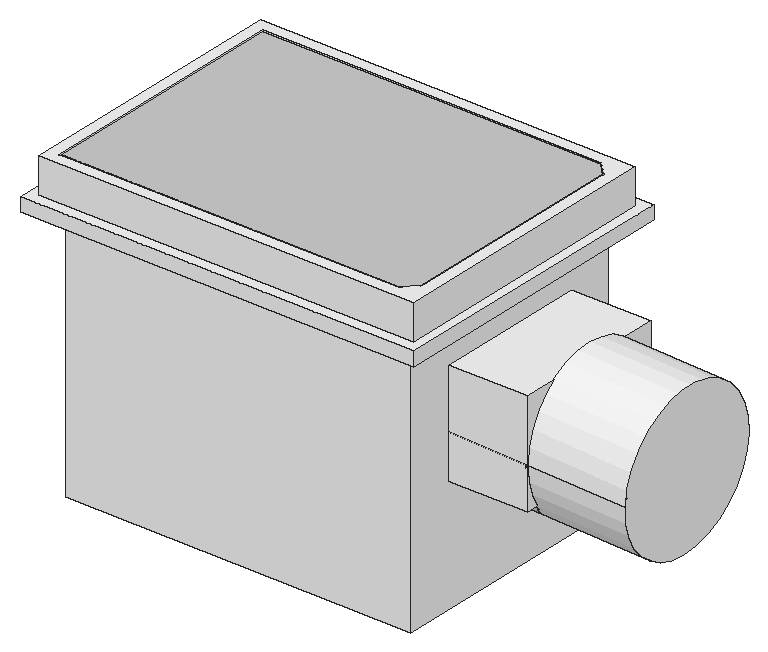
Revit family "HL_RU_Basement drain_HL77-A-171212", category Instalační zařizovací předměty, Revit 2021
Family settings
  Kóta kulaté spojky = Použít průměr
  Typ dílu = Normální
  Číslo OmniClass = 23.70.50.21.24.14
  Nadpis OmniClass = Deck Waste Water Drains
  Založené na pracovní rovině = Ne
  Vždy vertikální = Ano
  Ořezat dutým tvarem při načtení = Ne
  Sdílené = Ano
  Bod výpočtu místnosti = Ano
Parameters (values of type "HL_Трап для подвалов_HL77")
  РЕШЁТКА = "250x180mm/ ABS"
  РАЗМЕР = "DN110"
  ПРОПУСКНАЯ СПОСОБНОСТЬ [instance] = 0.0 L/s
  ПРОИЗВОДИТЕЛЬНОСТЬ = "1,58 l/s"
  ПРАВОВАЯ ИНФОРМАЦИЯ = "\"Авторские права(©), права на дизайн или какие либо другие права интелектуальной собственности являются исключительной собственностью компании HL Hutterer & Lechner. Изменению не подлежит. Файл семейства с данными о прозводителе изделия защищен паролем с водяным знаком.\""
  ПАДЕНИЕ ДАВЛЕНИЯ [instance] = 0.0 Pa
  НОМИНАЛЬНЫЙ ДИАМЕТР = 110 mm
  МАТЕРИАЛ = "ABS"
  МАКСИМАЛЬНАЯ НАГРУЗКА КЛАССА = "K3 -300 kg"
  ВЫСОТА МОНТАЖА = "220 mm"
  ВЕС = "2,831 kg"
  Výchozí výška = 0 mm
  Přípoj ventilace = no
  Výrobce = "HL Hutterer & Lechner GmbH"
  URL = "http://www.hutterer-lechner.com/ru/products/catalog/roof-drains/HL77.aspx"
  Přípoj odpadních dílů = yes
  Přípoj HW = no
  Popis = "Трап для подвалов"
  Model = "HL77"
  Komentáře k typům = "Трап для подвалов DN110 горизонтальный с тройным обратным клапаном, 2 х 180х125мм синтетический материал"
  Keynote = "HL77"
  Высота монтажа [instance] = 0 mm
  Přípoj CW = no
  EAN = "9003076700776"
  D1 [instance] = 250.5 mm
  D [instance] = Высота монтажа + 56.6 mm  # 56.6 mm
  C [instance] = Высота монтажа + 56.6 mm  # 56.6 mm
  B [instance] = Высота монтажа + 109.9 mm  # 109.9 mm
  A [instance] = if(B - 100 mm > 15 mm, B - 100 mm, 15 mm)  # 15 mm
Types (2, lengths in mm): name | URL | Popis | Komentáře k typům
  (no name) | "http://www.hutterer-lechner.com/en/products/catalog/roof-drains/HL77.aspx" | "Anti flood valves" | "basement drain DN110 horizontal with triple anti-flood valve, 2 x 180x125mm plastic"
  HL_Трап для подвалов_HL77 | "http://www.hutterer-lechner.com/ru/products/catalog/roof-drains/HL77.aspx" | "Трап для подвалов" | "Трап для подвалов DN110 горизонтальный с тройным обратным клапаном, 2 х 180х125мм синтетический материал"
Values of the unnamed type that differ from the named types
  ПРАВОВАЯ ИНФОРМАЦИЯ = "\"Copyright (©), design rights or any other intellectual property rights, shall be the exclusive property of HL Hutterer & Lechner GmbH. Modification is not allowed. Family has been watermarked.\""
  Model = "HL_Basement drain_HL77"
  Keynote = "HL_Basement drain_HL77"
Reference planes
  plane 1 "Center (Front/Back)": y = 0
  plane 2: z = 0
  plane 3 "Center (Left/Right)": x = 0
  plane 4 "Ball Joint Vertical": x = 25.45
  plane 5: z = 0
  plane 6: z = -109.9
Lines and regions (mm)
  model lines, style "InvisibleLines"
    curve 1: line (0, 0, 0) -> (0, 0, 560)
  reference lines
    curve 2: line (220.5, 0, -109.9) -> (250.5, 0, -109.9)
  model lines, detail levels coarse+medium
    curve 3: line (0, 0, -109.9) -> (0, 0, -94.9)
    curve 4: line (0, 0, -94.9) -> (94.9, 0, 0)
    curve 5: line (0, 0, -94.9) -> (-94.9, 0, 0)
    curve 6: line (0, 0, -109.9) -> (250.5, 0, -109.9)
  symbolic lines, style "PlumbingFixtures", detail levels coarse+medium
    curve 7: line (-75, 75, 0) -> (75, 75, 0)
    curve 8: line (-75, -75, 0) -> (-75, 75, 0)
    curve 9: line (75, -75, 0) -> (-75, -75, 0)
    curve 10: line (75, 75, 0) -> (75, -75, 0)
    curve 11: line (-75, 75, 0) -> (-145.711, 145.711, 0)
    curve 12: line (75, 75, 0) -> (145.711, 145.711, 0)
    curve 13: line (-75, -75, 0) -> (-145.711, -145.711, 0)
    curve 14: line (75, -75, 0) -> (145.711, -145.711, 0)
  symbolic lines, style "PlumbingFixtures", not visible, detail levels coarse+medium
    curve 15: line (-75, 75, 0) -> (75, 75, 0)
    curve 16: line (-75, -75, 0) -> (-75, 75, 0)
    curve 17: line (75, -75, 0) -> (-75, -75, 0)
    curve 18: line (75, 75, 0) -> (75, -75, 0)
    curve 19: line (-75, 75, 0) -> (-145.711, 145.711, 0)
    curve 20: line (75, 75, 0) -> (145.711, 145.711, 0)
    curve 21: line (-75, -75, 0) -> (-145.711, -145.711, 0)
    curve 22: line (75, -75, 0) -> (145.711, -145.711, 0)
Text (mm)
  text "FLOOR" at (-198.233, 0, -26.556), in view "вид строительства"
Dimensions and locks
  locked: plane 4 "Ball Joint Vertical" to plane 3 "Center (Left/Right)" at 25.45
  "Высота монтажа": plane 2 to plane 5
  "A": curve 5 to plane 6
  "B": curve 5 to plane 6
  "B": curve 4 to plane 6
  "B": plane 2 to plane 6
  "B": plane 2 to curve 6
  "D1": curve 2 to plane 3 "Center (Left/Right)"
  "D1": curve 6 to plane 3 "Center (Left/Right)"
  locked: curve 4 to plane 3 "Center (Left/Right)" (angle 45.00°)
  locked: plane 3 "Center (Left/Right)" to curve 5 (angle 45.00°)
  aligned and locked: level to plane 2
  aligned and locked: plane 2 to curve 1
  aligned and locked: plane 3 "Center (Left/Right)" to curve 1
  aligned and locked: plane 3 "Center (Left/Right)" to curve 5
  aligned and locked: plane 6 to curve 2
  aligned and locked: plane 5 to nested 1
  aligned and locked: plane 3 "Center (Left/Right)" to nested 1
  aligned and locked: plane 3 "Center (Left/Right)" to nested 2
  aligned and locked: plane 2 to nested 2
Automatic sketch dimensions
  level to curve 1 = 560 mm
  curve 2 to curve 2 = 30 mm
Nested families
  nested 1: "HL-Трап для подвалов-HL77" at (0, 0, 0), type "HL-Трап для подвалов-HL77"
  nested 2: "HL-Решетка из ПП-HL077.1E" at (0, 0, 0), type "HL-Решетка из ПП-HL077.1E"
Connectors
  piping at (250.5, 0, -109.9), diameter 110, driven by "НОМИНАЛЬНЫЙ ДИАМЕТР", driven by "ПРОПУСКНАЯ СПОСОБНОСТЬ"
    settings: on curve 2, index 1, connector inside diameter 609.6 mm, connector length 0 mm, flow factor 0, pipe flow 0.0 L/s, pressure drop 0.0 Pa, fitting loss kfactor 0, connector angle 0.00°, fixture units 0, engagement length 0 mm, angle of deflection 0.00°, flow configuration 1, flow direction 2, fitting loss method 0, system type 16, joint type 0, gender type 0, connector reference index -1, connector utility 0, adjustable connector yes, is connector primary yes, connector description ""
Definition of nested family "HL-Трап для подвалов-HL77"
  Parameters (values of type "HL-Трап для подвалов-HL77")
    Manufacturer = ""
    Default Elevation = 0 mm
    URL = ""
    Description = ""
    Model = ""
    Type Comments = ""
    Cost = 0
  Reference planes
    plane 1 "Střed (vpředu/vzadu)": y = 0
    plane 2: z = 0
    plane 3 "Střed (vlevo/vpravo)": x = 0
  Forms (mm)
    Extrusion 1, solid, detail levels fine
      sketch origin (0, 0, 0) x (1, 0, 0) y (0, 1, 0)
        loop
          line (-126, 91) -> (-126, -91) -> (116, -91) -> (126, -81) -> (126, 81) -> (116, 91) -> (-126, 91)
        loop
          line (134, -99) -> (134, 99) -> (-134, 99) -> (-134, -99) -> (134, -99)
      from 0 to -25
    Extrusion 2, solid, detail levels fine
      sketch origin (0, 0, -25) x (0, 1, 0) y (1, 0, 0)
        loop
          line (107, -141) -> (107, 141) -> (-107, 141) -> (-107, -141) -> (107, -141)
      from 0 to 10
    Extrusion 3, solid, detail levels fine
      sketch origin (0, 0, -35) x (-1, 0, 0) y (0, 1, 0)
        loop
          line (-123.5, -88) -> (123.5, -88) -> (123.5, 88) -> (-123.5, 88) -> (-123.5, -88)
      from 0 to 185
    Extrusion 4, solid, detail levels fine
      sketch origin (123.5, -86, -35) x (0, -1, 0) y (0, 0, -1)
        loop
          line (-31, 102) -> (-141, 102) -> (-141, 28) -> (-31, 28) -> (-31, 102)
      from 0 to 57
    Sweep 5, solid, detail levels fine
      path origin (0, 0, 0) x (1, 0, 0) y (0, 0, 1)
        loop
          line (248.585, -164.848) -> (177.031, -162.349)
      profile origin (212.808, 0, -163.598) x (-0.034899, 0, -0.999391) y (0, -1, 0)
        loop
          circle (-55, 0) r 55
    Sweep 6, solid, detail levels fine
      path origin (0, 0, 0) x (1, 0, 0) y (0, 0, 1)
        loop
          line (177.031, -162.349) -> (107.073, -159.906)
      profile origin (142.052, 0, -161.128) x (-0.034899, 0, -0.999391) y (0, -1, 0)
        loop
          arc (-55, -55) -> (0, 0) -> (-55, 55) r 55
          line (-55, 55) -> (-55, -55)
  Dimensions and locks
    aligned and locked: level to plane 2
Definition of nested family "HL-Решетка из ПП-HL077.1E"
  Parameters (values of type "HL-Решетка из ПП-HL077.1E")
    РАЗМЕР = "250x180mm"
    ПРАВОВАЯ ИНФОРМАЦИЯ = "\"Авторские права(©), права на дизайн или какие либо другие права интелектуальной собственности являются исключительной собственностью компании HL Hutterer & Lechner. Изменению не подлежит. Файл семейства с данными о прозводителе изделия защищен паролем с водяным знаком.\""
    МАТЕРИАЛ = "ABS"
    МАКСИМАЛЬНАЯ НАГРУЗКА КЛАССА = "K3 - 300kg"
    ВЕС = "0,474 kg"
    Manufacturer = "HL Hutterer & Lechner GmbH"
    Default Elevation = 0 mm
    URL = "http://www.hutterer-lechner.com/ru/products/catalog/roof-drains/HL077.1E.aspx"
    Description = "Вспомогательные материалы"
    Model = "HL077.1E"
    Type Comments = "Решетка из ПП 180х125мм с отверстием для ухода 180х125мм"
    Keynote = "HL077.1E"
    EAN = "9003076007714"
    Cost = 0
  Values of the unnamed type that differ from the named types
    ПРАВОВАЯ ИНФОРМАЦИЯ = "\"Copyright (©), design rights or any other intellectual property rights, shall be the exclusive property of HL Hutterer & Lechner GmbH. Modification is not allowed. Family has been watermarked.\""
    URL = "http://www.hutterer-lechner.com/en/products/catalog/roof-drains/HL077.1E.aspx"
    Description = "Attachments"
    Type Comments = "plastic grate 180x125mm and cleaning eye 180x125mm"
  Reference planes
    plane 1 "Střed (vpředu/vzadu)": y = 0
    plane 2: z = 0
    plane 3 "Střed (vlevo/vpravo)": x = 0
  Forms (mm)
    Extrusion 1, solid, detail levels fine
      sketch origin (0, 0, 0) x (1, 0, 0) y (0, 1, 0)
        loop
          line (-125, 90) -> (-125, -90) -> (116, -90) -> (125, -81) -> (125, 81) -> (116, 90) -> (-125, 90)
      from 0 to -25
  Lines and regions (mm)
    model lines, detail levels fine
      curve 1: line (-114.5, 12, 0) -> (-106.5, 12, 0)
      curve 2: line (-114.5, 78, 0) -> (-114.5, 12, 0)
      curve 3: line (-106.5, 78, 0) -> (-114.5, 78, 0)
      curve 4: line (-106.5, 12, 0) -> (-106.5, 78, 0)
      curve 5: line (-98.5, 12, 0) -> (-90.5, 12, 0)
      curve 6: line (-98.5, 78, 0) -> (-98.5, 12, 0)
      curve 7: line (-90.5, 78, 0) -> (-98.5, 78, 0)
      curve 8: line (-90.5, 12, 0) -> (-90.5, 78, 0)
      curve 9: line (-82.5, 12, 0) -> (-74.5, 12, 0)
      curve 10: line (-82.5, 78, 0) -> (-82.5, 12, 0)
      curve 11: line (-74.5, 78, 0) -> (-82.5, 78, 0)
      curve 12: line (-74.5, 12, 0) -> (-74.5, 78, 0)
      curve 13: line (-66.5, 12, 0) -> (-58.5, 12, 0)
      curve 14: line (-66.5, 78, 0) -> (-66.5, 12, 0)
      curve 15: line (-58.5, 78, 0) -> (-66.5, 78, 0)
      curve 16: line (-58.5, 12, 0) -> (-58.5, 78, 0)
      curve 17: line (-50.5, 12, 0) -> (-42.5, 12, 0)
      curve 18: line (-50.5, 78, 0) -> (-50.5, 12, 0)
      curve 19: line (-42.5, 78, 0) -> (-50.5, 78, 0)
      curve 20: line (-42.5, 12, 0) -> (-42.5, 78, 0)
      curve 21: line (-34.5, 12, 0) -> (-26.5, 12, 0)
      curve 22: line (-34.5, 78, 0) -> (-34.5, 12, 0)
      curve 23: line (-26.5, 78, 0) -> (-34.5, 78, 0)
      curve 24: line (-26.5, 12, 0) -> (-26.5, 78, 0)
      curve 25: line (-18.5, 12, 0) -> (-10.5, 12, 0)
      curve 26: line (-18.5, 78, 0) -> (-18.5, 12, 0)
      curve 27: line (-10.5, 78, 0) -> (-18.5, 78, 0)
      curve 28: line (-10.5, 12, 0) -> (-10.5, 78, 0)
      curve 29: line (74.5, 8, 0) -> (74.5, 1.25, 0)
      curve 30: line (74.5, 1.25, 0) -> (50.5, 1.25, 0)
      curve 31: line (50.5, 1.25, 0) -> (50.5, 8, 0)
      curve 32: arc (50.5, 8, 0) -> (62.5, 20, 0) -> (74.5, 8, 0) r 12
      curve 33: line (-114.5, -12, 0) -> (-106.5, -12, 0)
      curve 34: line (-114.5, -78, 0) -> (-114.5, -12, 0)
      curve 35: line (-106.5, -78, 0) -> (-114.5, -78, 0)
      curve 36: line (-106.5, -12, 0) -> (-106.5, -78, 0)
      curve 37: line (-98.5, -12, 0) -> (-90.5, -12, 0)
      curve 38: line (-98.5, -78, 0) -> (-98.5, -12, 0)
      curve 39: line (-90.5, -78, 0) -> (-98.5, -78, 0)
      curve 40: line (-90.5, -12, 0) -> (-90.5, -78, 0)
      curve 41: line (-82.5, -12, 0) -> (-74.5, -12, 0)
      curve 42: line (-82.5, -78, 0) -> (-82.5, -12, 0)
      curve 43: line (-74.5, -78, 0) -> (-82.5, -78, 0)
      curve 44: line (-74.5, -12, 0) -> (-74.5, -78, 0)
      curve 45: line (-66.5, -12, 0) -> (-58.5, -12, 0)
      curve 46: line (-66.5, -78, 0) -> (-66.5, -12, 0)
      curve 47: line (-58.5, -78, 0) -> (-66.5, -78, 0)
      curve 48: line (-58.5, -12, 0) -> (-58.5, -78, 0)
      curve 49: line (-50.5, -12, 0) -> (-42.5, -12, 0)
      curve 50: line (-50.5, -78, 0) -> (-50.5, -12, 0)
      curve 51: line (-42.5, -78, 0) -> (-50.5, -78, 0)
      curve 52: line (-42.5, -12, 0) -> (-42.5, -78, 0)
      curve 53: line (-34.5, -12, 0) -> (-26.5, -12, 0)
      curve 54: line (-34.5, -78, 0) -> (-34.5, -12, 0)
      curve 55: line (-26.5, -78, 0) -> (-34.5, -78, 0)
      curve 56: line (-26.5, -12, 0) -> (-26.5, -78, 0)
      curve 57: line (-18.5, -12, 0) -> (-10.5, -12, 0)
      curve 58: line (-18.5, -78, 0) -> (-18.5, -12, 0)
      curve 59: line (-10.5, -78, 0) -> (-18.5, -78, 0)
      curve 60: line (-10.5, -12, 0) -> (-10.5, -78, 0)
      curve 61: line (74.5, -8, 0) -> (74.5, -1.25, 0)
      curve 62: line (74.5, -1.25, 0) -> (50.5, -1.25, 0)
      curve 63: line (50.5, -1.25, 0) -> (50.5, -8, 0)
      curve 64: arc (50.5, -8, 0) -> (62.5, -20, 0) -> (74.5, -8, 0) r 12
  Dimensions and locks
    aligned and locked: level to plane 2
